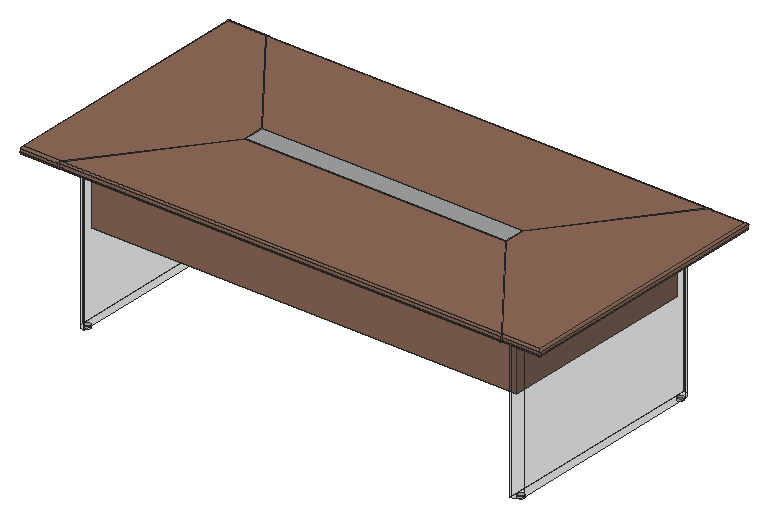
Revit family
Parameters (values of type "2400x1200x740mm")
  Assembly Code = ""
  Manufacturer = ""
  Model = ""
  다리 지지 재료 = 플라스틱 - 검은색
  다리 재료 = 플라스틱 - 검은색
  면 지지 재료 = 플라스틱 - 검은색
  면 재료 = 목재 - 벚나무, 빨간색, 폭
  폭 = 2400 mm
  높이 = 740 mm
  깊이 = 1200 mm
Reference planes
  plane 1 "중심(앞/뒤)": y = 0
  plane 2: z = 0
  plane 3 "중심(왼쪽/오른쪽)": x = 0
  plane 4: x = -1200
  plane 5: x = 1200
  plane 6: y = 600
  plane 7: y = -600
  plane 8: z = 740
  plane 9: z = 10
  plane 10: z = 390
  plane 11: z = 420
  plane 12: x = -1190
  plane 13: y = 590
  plane 14: y = -590
  plane 15: x = 1190
  plane 16: y = 560
  plane 17: x = -1160
  plane 18: x = 1160
  plane 19: y = -560
  plane 20: x = -1020
  plane 21: x = -980
  plane 22: x = 1020
  plane 23: x = 980
  plane 24: z = 190
  plane 25: z = 160
  plane 26: y = 300
  plane 27: y = -300
  plane 28: z = 710
  plane 29: z = 680
  plane 30: x = -600
  plane 31: y = 35
  plane 32: y = -35
  plane 33: x = 600
  plane 34: x = -1160
  plane 35: x = -1060
  plane 36: y = 50
  plane 37: y = -50
  plane 38: x = -600
  plane 39: x = 600
Forms (mm)
  Extrusion 1, solid, material "플라스틱 - 검은색" <- "다리 재료"
    sketch origin (0, 0, 0) x (1, 0, 0) y (0, 1, 0)
      loop
        line (-1020, 466.275) -> (-1020, -466.275)
        arc (-1020, -466.275) -> (-1010.122, -490.122) -> (-986.275, -500) r 33.725
        line (-986.275, -500) -> (-980, -500) -> (-980, 500) -> (-986.275, 500)
        arc (-986.275, 500) -> (-1010.122, 490.122) -> (-1020, 466.275) r 33.725
      loop
        arc (1020, 466.275) -> (1010.122, 490.122) -> (986.275, 500) r 33.725
        line (986.275, 500) -> (980, 500) -> (980, -500) -> (986.275, -500)
        arc (986.275, -500) -> (1010.122, -490.122) -> (1020, -466.275) r 33.725
        line (1020, -466.275) -> (1020, 466.275)
    from 10 to 680
  Extrusion 2, solid, material "목재 - 벚나무, 빨간색, 폭" <- "면 재료"
    sketch origin (0, 0, 0) x (1, 0, 0) y (0, 1, 0)
      loop
        line (-1200, 600) -> (-1200, -600) -> (1200, -600) -> (1200, 600) -> (-1200, 600)
    from 710 to 740
  Blend 3, solid, material "플라스틱 - 검은색" <- "면 지지 재료"
    base sketch origin (0, 0, 0) x (1, 0, 0) y (0, 1, 0)
      loop
        line (-1160, 560) -> (-1160, -560) -> (1160, -560) -> (1160, 560) -> (-1160, 560)
    top sketch origin (0, 0, 0) x (1, 0, 0) y (0, 1, 0)
      loop
        line (-1190, 590) -> (-1190, -590) -> (1190, -590) -> (1190, 590) -> (-1190, 590)
    from 680 to 708.183
  Extrusion 4, solid, material "목재 - 벚나무, 빨간색, 폭" <- "면 재료"
    sketch origin (0, 39.101, 0) x (1, 0, 0) y (0, 1, 0)
      loop
        line (-980, 420.899) -> (-980, -499.101) -> (980, -499.101) -> (980, 420.899) -> (-980, 420.899)
    from 420 to 680
  Sweep 5, void
    path origin (0, 0, 0) x (1, 0, 0) y (0, 1, 0)
      loop
        line (-1200, 600) -> (-1200, -600) -> (1200, -600) -> (1200, 600) -> (-1200, 600)
    profile origin (0, 0, 0) x (0, 1, 0) y (0, 0, 1)
      loop
        line (601.59, 708.183) -> (601.59, 740) -> (590.787, 740)
        arc (590.787, 740) -> (597.302, 737.302) -> (600, 730.787) r 9.213
        line (600, 730.787) -> (600, 716.502)
        arc (600, 716.502) -> (597.563, 710.62) -> (591.681, 708.183) r 8.319
        line (591.681, 708.183) -> (601.59, 708.183)
  Extrusion 6, solid, material "플라스틱 - 검은색" <- "다리 지지 재료"
    sketch origin (0, 0, 0) x (1, 0, 0) y (0, 1, 0)
      loop
        circle (-1000, 459.469) r 15
      loop
        circle (1000, 459.469) r 15
      loop
        circle (1000, -459.469) r 15
      loop
        circle (-1000, -459.469) r 15
    from 0 to 10
  Extrusion 7, void
    sketch origin (0, 0, 740) x (-1, 0, 0) y (0, -1, 0)
      loop
        line (600, -50) -> (600, 50) -> (-600, 50) -> (-600, -50) -> (600, -50)
    from 0 to -30
  Extrusion 8, solid, material "플라스틱 - 회색"
    sketch origin (0, 0, 0) x (1, 0, 0) y (0, 1, 0)
      loop
        line (-600, 50) -> (-600, -50) -> (600, -50) -> (600, 50) -> (-600, 50)
    from 710 to 740
  Extrusion 9, void
    sketch origin (0, 0, 0) x (1, 0, 0) y (0, 1, 0)
      loop
        line (-1020, 600) -> (-1026.291, 600) -> (-605, 48.309) -> (-605, -48.309) -> (-1026.291, -600) -> (-1020, -600) -> (-600, -50) -> (-600, 50) -> (-1020, 600)
    from 710 to 740
  Extrusion 10, void
    sketch origin (0, 0, 0) x (-1, 0, 0) y (0, -1, 0)
      loop
        line (-1020, -600) -> (-600, -50) -> (-600, 50) -> (-1020, 600) -> (-1026.291, 600) -> (-605, 48.309) -> (-605, -48.309) -> (-1026.291, -600) -> (-1020, -600)
    from 710 to 740
Cuts and joins
  Sweep 5 cuts Extrusion 1
  Sweep 5, Extrusion 7, Extrusion 9, Extrusion 10 cuts Extrusion 2
  Sweep 5 cuts Blend 3
  Sweep 5 cuts Extrusion 4
  Extrusion 10 cuts Extrusion 8
Dimensions and locks
  "높이": plane 8 to level
  "폭": plane 4 to plane 5
  "깊이": plane 7 to plane 6
  equal spacing: plane 4, plane 3 "중심(왼쪽/오른쪽)", plane 5
  equal spacing: plane 7, plane 1 "중심(앞/뒤)", plane 6
  locked: plane 13 to plane 6 at 10
  locked: plane 7 to plane 14 at 10
  plane 20 to plane 21 = 40 mm
  plane 23 to plane 22 = 40 mm
  plane 17 to plane 20 = 140 mm
  plane 12 to plane 17 = 30 mm
  locked: plane 4 to plane 12 at 10
  plane 22 to plane 18 = 140 mm
  locked: plane 18 to plane 15 at 30
  locked: plane 15 to plane 5 at 10
  locked: plane 16 to plane 13 at 30
  locked: plane 14 to plane 19 at 30
  aligned and locked: Blend 3 to Extrusion 1  (x2)
  aligned and locked: plane 12 to Blend 3
  aligned and locked: Blend 3 to plane 15
  aligned and locked: plane 13 to Blend 3
  aligned and locked: plane 14 to Blend 3
  aligned and locked: Extrusion 1 sketch curve to cut or joined group of Extrusion 4, Sweep 5
  aligned and locked: Extrusion 7 to plane 8
Automatic sketch dimensions
  Extrusion 1 sketch curve to plane 20 = 0 mm
  Extrusion 1 sketch curve to plane 23 = 0 mm
  Extrusion 1 sketch curve to plane 22 = 0 mm
  plane 21 to Extrusion 1 sketch curve = 6.275 mm  (x2)
  Extrusion 1 sketch curve to Extrusion 1 sketch curve = 6.275 mm
  Extrusion 1 sketch curve to plane 23 = 6.275 mm
  Extrusion 1 sketch curve to plane 19 = 60 mm  (x2)
  plane 16 to Extrusion 1 sketch curve = 93.725 mm  (x2)
  Extrusion 2 sketch curve to plane 4 = 0 mm
  Extrusion 2 sketch curve to plane 5 = 0 mm
  Extrusion 2 sketch curve to plane 7 = 0 mm
  Extrusion 2 sketch curve to plane 6 = 0 mm
  Blend 3 sketch curve to plane 17 = 0 mm
  Blend 3 sketch curve to plane 18 = 0 mm
  Blend 3 sketch curve to plane 19 = 0 mm
  Blend 3 sketch curve to plane 16 = 0 mm
  Blend 3 sketch curve to plane 12 = 0 mm
  Blend 3 sketch curve to plane 14 = 0 mm
  Blend 3 sketch curve to plane 15 = 0 mm
  Blend 3 sketch curve to plane 13 = 0 mm
  Extrusion 4 sketch curve to plane 21 = 0 mm
  Extrusion 4 sketch curve to plane 23 = 0 mm
  Extrusion 4 sketch curve to plane 19 = 100 mm
  plane 16 to Extrusion 4 sketch curve = 100 mm
  Sweep 5 sketch curve to plane 4 = 0 mm
  Sweep 5 sketch curve to plane 5 = 0 mm
  Sweep 5 sketch curve to plane 7 = 0 mm
  Sweep 5 sketch curve to plane 6 = 0 mm
  Sweep 5 sketch curve to profile plane = 0 mm
  profile plane to Sweep 5 sketch curve = 8.319 mm
  profile plane to Sweep 5 sketch curve = 9.213 mm
  Sweep 5 sketch curve to profile plane = 1.59 mm
  level to Sweep 5 sketch curve = 708.183 mm
  Sweep 5 sketch curve to Sweep 5 sketch curve = 14.285 mm
  Extrusion 6 sketch curve to plane 20 = 20 mm  (x2)
  plane 22 to Extrusion 6 sketch curve = 20 mm  (x2)
  Extrusion 6 sketch curve to plane 19 = 100.531 mm  (x2)
  plane 16 to Extrusion 6 sketch curve = 100.531 mm  (x2)
  Extrusion 7 sketch curve to plane 36 = 0 mm
  Extrusion 7 sketch curve to plane 39 = 0 mm
  Extrusion 7 sketch curve to plane 37 = 0 mm
  Extrusion 7 sketch curve to plane 38 = 0 mm
  Extrusion 8 sketch curve to plane 37 = 0 mm
  Extrusion 8 sketch curve to plane 38 = 0 mm
  Extrusion 8 sketch curve to plane 39 = 0 mm
  Extrusion 8 sketch curve to plane 36 = 0 mm
  Extrusion 9 sketch curve to plane 6 = 0 mm
  Extrusion 9 sketch curve to plane 7 = 0 mm
  Extrusion 9 sketch curve to plane 20 = 0 mm  (x2)
  Extrusion 9 sketch curve to plane 36 = 0 mm
  Extrusion 9 sketch curve to plane 38 = 0 mm
  Extrusion 9 sketch curve to plane 37 = 0 mm
  Extrusion 9 sketch curve to Extrusion 9 sketch curve = 6.291 mm  (x2)
  Extrusion 9 sketch curve to plane 37 = 1.691 mm
  Extrusion 9 sketch curve to plane 38 = 5 mm
  plane 36 to Extrusion 9 sketch curve = 1.691 mm
  Extrusion 10 sketch curve to plane 6 = 0 mm
  Extrusion 10 sketch curve to plane 7 = 0 mm
  Extrusion 10 sketch curve to plane 22 = 0 mm  (x2)
  Extrusion 10 sketch curve to plane 36 = 0 mm
  Extrusion 10 sketch curve to plane 39 = 0 mm
  Extrusion 10 sketch curve to plane 37 = 0 mm
  Extrusion 10 sketch curve to Extrusion 10 sketch curve = 6.291 mm  (x2)
  plane 37 to Extrusion 10 sketch curve = 1.691 mm
  Extrusion 10 sketch curve to plane 39 = 5 mm
  Extrusion 10 sketch curve to plane 36 = 1.691 mm
  radius of Extrusion 6 sketch curve = 15 mm  (x4)
